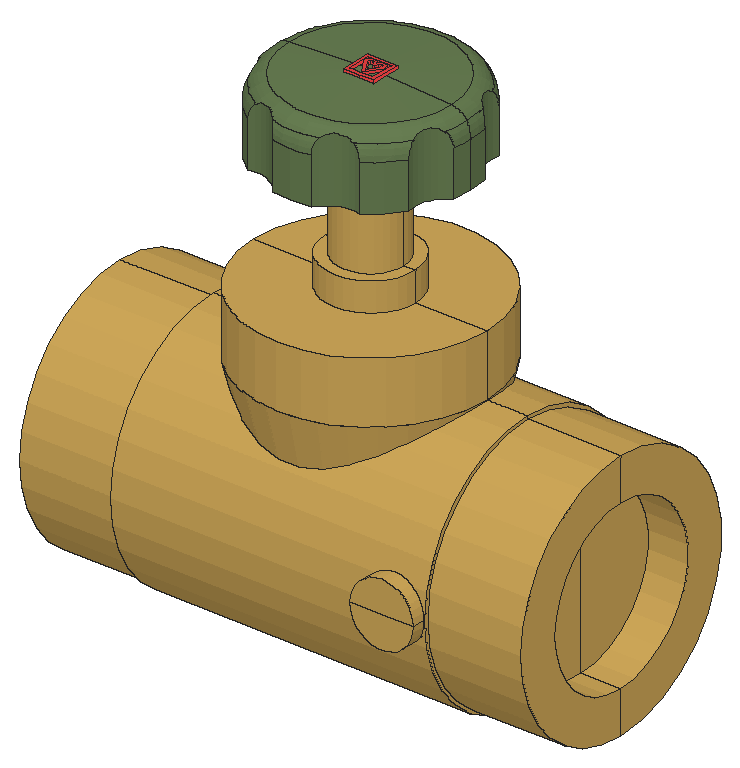
Revit family "HERZ Strömax 4215 W IG-IG", category Rohrzubehör, Revit 2018
Family settings
  Bemaßung runder Anschluss = Durchmesser verwenden
  Teiletyp = Unterbricht
  OmniClass-Nummer = 23.65.55.14
  OmniClass-Titel = Valves for Liquid Services
  Arbeitsebenenbasiert = Nein
  Immer vertikal = Ja
  Beim Laden mit Abzugskörper schneiden = Nein
  Gemeinsam genutzt = Nein
Parameters
  URL = "www.herzvalves.com"
  T01 [instance] = size_lookup("4215W_", "T1", 17.5 mm, Nennweite)  # 42 mm
  SC_NennweiteBerechnet = 0
  SC_Dimension = ""
  SCTWSEQ = "FW;SBT_TYP_FW=\"106\";2"
  SCTWCODE = "04;01;02"  # constant formula
  S03 = 60 mm  # constant formula
  S02 [instance] = H01 + H02 + H03  # 93 mm
  S01 [instance] = R01 * 2  # 75 mm
  R08 [instance] = size_lookup("4215W_", "R8", 9.5 mm, Nennweite)  # 9.5 mm
  R07 = 3 mm  # constant formula
  R06 [instance] = size_lookup("4215W_", "R6", 7.8 mm, Nennweite)  # 10 mm
  R05 [instance] = size_lookup("4215W_", "R5", 10.1 mm, Nennweite)  # 13.5 mm
  R04 [instance] = size_lookup("4215W_", "R4", 13.5 mm, Nennweite)  # 35 mm
  R03 [instance] = size_lookup("4215W_", "R3", 15 mm, Nennweite)  # 38.5 mm
  R02 [instance] = Nennweite / 2  # 25 mm
  R01 [instance] = size_lookup("4215W_", "R1", 16 mm, Nennweite)  # 37.5 mm
  Part number [instance] = size_lookup("4215W_", "Artnr", 0, Nennweite)  # 2421546
  Note = "Pursuant to Article 33 of the REACH Regulation (EC No. 1907/2006), we are obliged to point out that the material lead is listed on the SVHC list and that all brass components manufactured in our products exceed 0.1% (w / w) lead (CAS: 7439-92-1 / EINECS: 231-100-4).\r\nSince lead is a component part of an alloy, actual exposure is not possible and therefore no additional information on safe use is necessary."
  Nennweite [instance] = 50 mm
  Min. flow at Dp 10 kPa [instance] = if(Nennweite = 15 mm, 0.2, if(Nennweite = 20 mm, 0.4, if(Nennweite = 25 mm, 0.7, if(Nennweite = 32 mm, 1.2, if(Nennweite = 40 mm, 1.6, if(Nennweite = 50 mm, 2.7, 0))))))  # 2.7
  Medium = "Water"  # constant formula
  Max. operating temperature = 90 °C  # constant formula
  Max. operating pressure = 1000000.0 Pa  # constant formula
  Max. differential pressure on closed seat = 1000000.0 Pa  # constant formula
  L03 [instance] = size_lookup("4215W_", "L3", 15.5 mm, Nennweite)  # 38 mm
  L02 = 12 mm  # constant formula
  L01 [instance] = size_lookup("4215W_", "L1", 16 mm, Nennweite)  # 28 mm
  L00 [instance] = size_lookup("4215W_", "L", 65 mm, Nennweite)  # 150 mm
  Hersteller = "HERZ Armaturen Ges.m.b.H."  # constant formula
  Hand wheel = "plastic, green"  # constant formula
  H04 = 21 mm  # constant formula
  H03 [instance] = size_lookup("4215W_", "H3", 14.6 mm, Nennweite)  # 27.3 mm
  H02 [instance] = size_lookup("4215W_", "H2", 5.4 mm, Nennweite)  # 8.7 mm
  H01 [instance] = size_lookup("4215W_", "H1", 26 mm, Nennweite)  # 57 mm
  H00 [instance] = H01 + H02 + H03  # 93 mm
  O-Rings = "EPDM"  # constant formula
  Body = "DZR brass acc. to EN1982"  # constant formula
  Application = "For shutting off drinking water pipes and systems in buildings."
Reference planes
  plane 1 "Mitte (Vorne/hinten)": y = 0
  plane 2: z = 0
  plane 3 "Mitte (Links/rechts)": x = 0
Forms (mm)
  Revolve 1, solid, material "Messing, weicher Gelbton, geschweißt", detail levels fine
    sketch origin (470, 0, 0) x (1, 0, 0) y (0, 0, 1)
      loop
        line (-545, 25) -> (-533, 25) -> (-533, 0) -> (-407, 0) -> (-407, 25) -> (-395, 25) -> (-395, 37.5) -> (-423, 37.5) -> (-423, 38.5) -> (-517, 38.5) -> (-517, 37.5) -> (-545, 37.5) -> (-545, 25)
      axis (-545, 0) -> (-395, 0)
    angle from 0 to 360
  Revolve 2, solid, material "Messing, weicher Gelbton, geschweißt", detail levels fine
    sketch origin (0, 0, 0) x (1, 0, 0) y (0, 0, 1)
      loop
        line (0, 0) -> (0, 93) -> (-10, 93) -> (-10, 65.7) -> (-13.5, 65.7) -> (-13.5, 57) -> (-35, 57) -> (-35, 38.5) -> (-25, 0) -> (0, 0)
      axis (0, 93) -> (0, 0)
    angle from 0 to 360
  Revolve 3, solid, material "Messing, weicher Gelbton, geschweißt", detail levels fine
    sketch origin (0, 0, 0) x (1, 0, 0) y (0, 1, 0)
      loop
        line (37, -42) -> (46.5, -42) -> (46.5, -25) -> (40, -25) -> (40, 25) -> (46.5, 25) -> (46.5, 42) -> (37, 42) -> (37, -42)
      axis (37, 42) -> (37, -42)
    angle from 0 to 360
Lines and regions (mm)
  model lines, detail levels coarse+medium
    curve 1: line (-75, 0, -37.5) -> (-75, 0, 37.5)
    curve 2: line (-75, 0, 37.5) -> (75, 0, -37.5)
    curve 3: line (75, 0, -37.5) -> (75, 0, 37.5)
    curve 4: line (75, 0, 37.5) -> (-75, 0, -37.5)
    curve 5: line (0, 0, 0) -> (0, 0, 93)
    curve 6: line (-30, 0, 93) -> (30, 0, 93)
    curve 7: line (-75, 37.5, 0) -> (-75, -37.5, 0)
    curve 8: line (-75, -37.5, 0) -> (75, 37.5, 0)
    curve 9: line (75, 37.5, 0) -> (75, -37.5, 0)
    curve 10: line (75, -37.5, 0) -> (-75, 37.5, 0)
    curve 11: line (0, 0, 0) -> (0, 93, 0)
    curve 12: line (-30, 93, 0) -> (30, 93, 0)
Dimensions and locks
  "L00": Revolve 1 sketch curve to Revolve 1 sketch curve
  equal spacing: Revolve 1 sketch curve, plane 3 "Mitte (Links/rechts)", Revolve 1 sketch curve
  "R01": Revolve 1 sketch curve to Revolve 1 sketch curve  (x2)
  "R02": Revolve 1 sketch curve to Revolve 1 sketch curve  (x2)
  "L01": Revolve 1 sketch curve to Revolve 1 sketch curve  (x2)
  "L02": Revolve 1 sketch curve to Revolve 1 sketch curve  (x2)
  "R03": Revolve 1 sketch curve to Revolve 1 sketch curve
  "R03": Revolve 2 sketch curve to Revolve 2 sketch curve
  "R02": Revolve 2 sketch curve to Revolve 2 sketch curve
  "R04": Revolve 2 sketch curve to Revolve 2 sketch curve
  "R05": Revolve 2 sketch curve to Revolve 2 sketch curve
  "R06": Revolve 2 sketch curve to Revolve 2 sketch curve
  "H01": Revolve 2 sketch curve to plane 2
  "T01": Revolve 3 sketch curve to plane 1 "Mitte (Vorne/hinten)" to Revolve 3 sketch curve
  "L03": Revolve 3 sketch curve to Revolve 1
  "R02": Revolve 3 sketch curve to plane 1 "Mitte (Vorne/hinten)"
  "R02": plane 1 "Mitte (Vorne/hinten)" to Revolve 3 sketch curve
  "R07": Revolve 3 sketch curve to Revolve 3 sketch curve
  "R08": Revolve 3 sketch curve to Revolve 3 sketch curve
  "H02": Revolve 2 sketch curve to Revolve 2 sketch curve
  "H03": Revolve 2 sketch curve to Revolve 2 sketch curve
  "H00": nested 1 to plane 2
  "H04": nested 2 to Revolve 2
  equal spacing: curve 3, plane 3 "Mitte (Links/rechts)", curve 1
  "L00": curve 3 to curve 1
  equal spacing: curve 2, plane 2, curve 4
  "S01": curve 2 to curve 4
  equal spacing: curve 4, plane 2, curve 3
  "S01": curve 4 to curve 3
  "S02": curve 5 to plane 2
  equal spacing: curve 6, curve 5, curve 6
  "S03": curve 6 to curve 6
  equal spacing: curve 7, plane 3 "Mitte (Links/rechts)", curve 9
  "L00": curve 7 to curve 9
  equal spacing: curve 10, plane 1 "Mitte (Vorne/hinten)", curve 9
  equal spacing: curve 8, plane 1 "Mitte (Vorne/hinten)", curve 10
  "S01": curve 9 to curve 10
  "S01": curve 10 to curve 8
  equal spacing: curve 12, plane 3 "Mitte (Links/rechts)", curve 12
  "S02": plane 1 "Mitte (Vorne/hinten)" to curve 11
  "S03": curve 12 to curve 12
  aligned and locked: level to plane 2
Automatic sketch dimensions
  curve 5 to level = 0 mm
  plane 1 "Mitte (Vorne/hinten)" to curve 11 = 0 mm
  Revolve 1 sketch curve to level = 0 mm  (x2)
  Revolve 1 sketch curve to Revolve 1 sketch curve = 791.99 mm
  Revolve 1 sketch curve to Revolve 1 sketch curve = 2278.983 mm
  Revolve 2 sketch curve to level = 0 mm
  Revolve 2 sketch curve to plane 3 "Mitte (Links/rechts)" = 0 mm  (x2)
  Revolve 2 sketch curve to level = 366.045 mm
  Revolve 2 sketch curve to Revolve 2 sketch curve = 2165.278 mm
  Revolve 3 sketch curve to Revolve 3 sketch curve = 9.5 mm
  Revolve 3 sketch curve to Revolve 3 sketch curve = 0 mm
  Revolve 3 sketch curve to Revolve 3 sketch curve = 4.553 mm
  Revolve 3 sketch curve to Revolve 3 sketch curve = 3.768 mm
Nested families
  nested 1: "Strömax-Handrad (Grün)" at (0, 0, 93), type "Strömax-Handrad (Grün)", detail levels fine
    with Nennweite 0 mm, Gewicht 0.00 kg, Bestellnummer 0
  nested 2: "Herz-Logo" at (0, 0, 114), type "Herz-Logo", detail levels fine
Connectors
  piping at (-63, 0, 0), diameter 50, driven by "Nennweite"
    settings: on Revolve 1, index 1, connector inside diameter 609.6 mm, connector length 0 mm, flow factor 0, pipe flow 0.0 L/s, pressure drop 0.0 Pa, fitting loss kfactor 0, connector angle 0.00°, fixture units 0, engagement length 0 mm, angle of deflection 0.00°, flow configuration 0, flow direction 1, fitting loss method 0, system type 29, joint type 0, gender type 0, connector reference index -1, connector utility 0, adjustable connector no, is connector primary yes, connector description ""
  piping at (63, 0, 0), diameter 50, driven by "Nennweite"
    settings: on Revolve 1, index 2, connector inside diameter 609.6 mm, connector length 0 mm, flow factor 0, pipe flow 0.0 L/s, pressure drop 0.0 Pa, fitting loss kfactor 0, connector angle 0.00°, fixture units 0, engagement length 0 mm, angle of deflection 0.00°, flow configuration 0, flow direction 2, fitting loss method 0, system type 29, joint type 0, gender type 0, connector reference index -1, connector utility 0, adjustable connector no, is connector primary no, connector description ""
Definition of nested family "Strömax-Handrad (Grün)"
  Parameters (values of type "Strömax-Handrad (Grün)")
    URL = "www.herz-armaturen.at"
    Nennweite [instance] = 0 mm
    Manufacturer = "Herz Armaturen GmbH"  # constant formula
    Gewicht [instance] = 0.00 kg
    Bestellnummer [instance] = 0
  Reference planes
    plane 1 "Mitte (Vorne/hinten)": y = 0
    plane 2: z = 0
    plane 3 "Mitte (Links/rechts)": x = 0
  Forms (mm)
    Revolve 1, solid
      sketch origin (0, 0, 0) x (1, 0, 0) y (0, 0, 1)
        loop
          line (0, 0) -> (0, 22)
          arc (0, 22) -> (-12.15, 21.705) -> (-24.271, 20.819) r 250
          arc (-24.271, 20.819) -> (-26.831, 19.959) -> (-28.754, 18.063) r 6
          arc (-28.754, 18.063) -> (-29.682, 16.008) -> (-30, 13.776) r 8
          line (-30, 13.776) -> (-30, 0) -> (0, 0)
        axis (0, 22) -> (0, 0)
      angle from 0 to 360
    Extrusion 2, void
      sketch origin (0, 0, 0) x (1, 0, 0) y (0, 1, 0)
        loop
          circle (14.351, -34.645) r 10
      from 0 to 22
    Extrusion 3, void
      sketch origin (0, 0, 0) x (-1, 0, 0) y (0, -1, 0)
        loop
          circle (14.351, 34.645) r 10
      from 0 to 22
    Extrusion 4, void
      sketch origin (0, 0, 0) x (0, -1, 0) y (1, 0, 0)
        loop
          circle (14.351, 34.645) r 10
      from 0 to 22
    Extrusion 5, void
      sketch origin (0, 0, 0) x (0, 1, 0) y (-1, 0, 0)
        loop
          circle (14.351, -34.645) r 10
      from 0 to 22
    Extrusion 6, void
      sketch origin (0, 0, 0) x (0, -1, 0) y (1, 0, 0)
        loop
          circle (14.351, -34.645) r 10
      from 0 to 22
    Extrusion 7, void
      sketch origin (0, 0, 0) x (0, 1, 0) y (-1, 0, 0)
        loop
          circle (14.351, 34.645) r 10
      from 0 to 22
    Extrusion 8, void
      sketch origin (0, 0, 0) x (1, 0, 0) y (0, 1, 0)
        loop
          circle (14.351, 34.645) r 10
      from 0 to 22
    Extrusion 9, void
      sketch origin (0, 0, 0) x (-1, 0, 0) y (0, -1, 0)
        loop
          circle (14.351, -34.645) r 10
      from 0 to 22
  Cuts and joins
    Extrusion 2, Extrusion 3, Extrusion 4, Extrusion 5, Extrusion 6, Extrusion 7, Extrusion 8, Extrusion 9 cuts Revolve 1
  Dimensions and locks
    aligned and locked: level to plane 2
Definition of nested family "Herz-Logo"
  Reference planes
    plane 1 "Mitte (Vorne/hinten)": y = 0
    plane 2: z = 0
    plane 3 "Mitte (Links/rechts)": x = 0
  Forms (mm)
    Extrusion 1, solid
      sketch origin (0, 0, 0) x (1, 0, 0) y (0, 1, 0)
        loop
          line (-0.018, -4.517) -> (4.482, -4.517) -> (4.482, 4.483) -> (-4.518, 4.483) -> (-4.518, -4.517) -> (-0.018, -4.517)
        loop
          line (-0.05, -3.48) -> (3.482, -3.48) -> (3.482, 3.483) -> (-3.518, 3.483) -> (-3.518, -3.48) -> (-0.05, -3.48)
        loop
          arc (-0.018, 2.383) -> (-1.543, 3.287) -> (-3.067, 2.383) r 1.738
          arc (-3.067, 2.383) -> (-3.191, 1.899) -> (-3.067, 1.415) r 1.009
          line (-3.067, 1.415) -> (-0.018, -3.281) -> (3.032, 1.415)
          arc (3.032, 1.415) -> (3.156, 1.899) -> (3.032, 2.383) r 1.009
          arc (3.032, 2.383) -> (1.507, 3.287) -> (-0.018, 2.383) r 1.738
        loop
          arc (1.885, 1.272) -> (2.005, 1.675) -> (1.885, 2.079) r 0.74
          arc (1.885, 2.079) -> (1.265, 2.416) -> (0.644, 2.079) r 0.74
          line (0.644, 2.079) -> (-0.018, 0.97) -> (-0.679, 2.079)
          arc (-0.679, 2.079) -> (-1.3, 2.416) -> (-1.921, 2.079) r 0.74
          arc (-1.921, 2.079) -> (-2.04, 1.675) -> (-1.921, 1.272) r 0.74
          line (-1.921, 1.272) -> (-0.018, -1.658) -> (1.885, 1.272)
      from 0 to 1.5
  Dimensions and locks
    aligned and locked: level to plane 2
